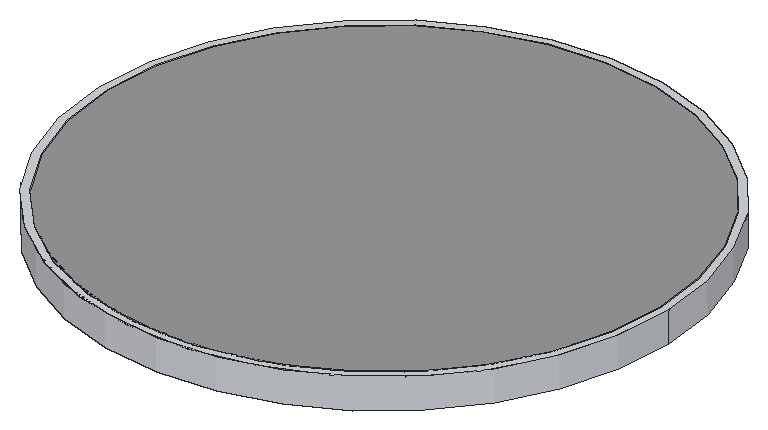
Revit family "2071284", category Lighting Fixtures, host Face, Revit 2018
Family settings
  Host = Face
  Round Connector Dimension = Use Diameter
  Part Type = Junction Box
  OmniClass Number = 23.80.70.00
  OmniClass Title = Lighting
  Cut with Voids When Loaded = No
  Light Source = Yes
  Shared = No
  Room Calculation Point = No
Parameters (values of type "2071284 COLOSSAL 1200 830 OP DIR WHT SSC")
  iner diameter = 1168 mm
  Weight = "n/a"
  Wattage Comments = ""
  Wattage = 30 W
  WarrantyStartDate [instance] = "n/a"
  WarrantyGuarantorParts = "n/a"
  WarrantyDurationUnit = "n/a"
  WarrantyDurationParts = ""
  WarrantyDescription = "http://www.sylvania-lighting.com"
  built-in parameter 1150110 = 1 (stored number, unit not read)
  Voltage = 230 V
  URL = "0.95"
  TypeName = "COLOSSAL 1200mm 830 OPAL DIR WHITE SSC"
  Type Image = <None>
  Type Comments = "n/a"
  built-in parameter 1114217 = 1 (stored number, unit not read)
  Tilt Angle = -90.00°
  built-in parameter 1150109 = 1 (stored number, unit not read)
  built-in parameter 1150134 = (empty or 0)
  built-in parameter 1150113 = 1 (stored number, unit not read)
  SerialNumber [instance] = "n/a"
  Photometric Web File = "2071284.ies"
  Material_3_SYL = LED-Sylvania
  PowerFactor = 0
  PowerConsumption = "Lighting"
  NominalLength = 1168 mm
  NominalHeight = 93 mm
  NominalDepth = 1168 mm
  Name = "COLOSSAL 1200mm 830 OPAL DIR WHITE SSC"
  ModelReference = Name  # "COLOSSAL 1200mm 830 OPAL DIR WHITE SSC"
  ModelNumber = "2071284"
  Model = Name  # "COLOSSAL 1200mm 830 OPAL DIR WHITE SSC"
  Material = "Feilo Sylvania"
  ManufacturerName = "137 lm/W"
  Manufacturer = ""
  LuminousEfficacy = ""
  built-in parameter 1150105 = 270.44 (stored number, unit not read)
  Lumens = 3398.4 lm
  LuminaireType = "0"
  built-in parameter 1150115 = 1 (stored number, unit not read)
  LightOutputRatio = "LED"
  built-in parameter 1150137 = (empty or 0)
  built-in parameter 1150139 = (empty or 0)
  LampsType = Lamp  # "n/a"
  LampNominalLuminous = "3000 K"
  LampMacAdamStep = "80"
  LampColourTemperature = "LED"
  LampColourRenderingIndex = "16500"
  built-in parameter 1150112 = 1 (stored number, unit not read)
  built-in parameter 1150114 = 1 (stored number, unit not read)
  Lamp = "n/a"
  Keynote = "n/a"
  InstallationDate [instance] = "n/a"
  InputVoltage = "0"
  InputNominalFrequency = "3000"
  built-in parameter 1150132 = (empty or 0)
  built-in parameter 1150102 = (empty or 0)
  built-in parameter 1150107 = 3000 (stored number, unit not read)
  built-in parameter 1150138 = (empty or 0)
  IngressProtection = "IfcLightFixtureType"
  ImpactProtectionIndex = "IfcLightFixtureType"
  built-in parameter 1150106 = 2.7044 (stored number, unit not read)
  IfcExportType = "IfcLightFixtureType"
  IfcExportAs = "Class I"
  Emit from Circle Diameter = 385 mm
  Emit Shape Visible in Rendering = no
  ElectricShockClassification = "137"
  built-in parameter 1150104 = 10.524 (stored number, unit not read)
  DocumentationLiterature = "http://www.sylvania-lighting.com/product/en-int/products/2071284"
  DimmingControlOptions = "n/a"
  Material_2_SYL = Polycarbonate_Sylvania_White
  Dimming Lamp Color Temperature Shift = <None>
  Description = "1200mm diameter circular architectural luminaire, can be surface mounted or suspended. Powder coated aluminium housing (RAL9016) with polycarbonate opal diffuser. Direct light distribution, 20975lm luminuous flux, 153.6W system power, 137lm/W luminiaire efficacy. Sylsmart Standalone enabled. Colour rendering index Ra >80, 3000K Warm White LED, chromaticity tolerance of 3-step MacAdam ellipse. IP40/IP20, IK03. 450mA drive current. Electrical protection Class1, 220-240V. Reported lifetime 66k hours L90B10."
  Default Elevation = 1219.2 mm
  CreatedOn = "23/03/2022"
  CreatedBy = "@sylvania-lighting.com"
  Cost = 0
  Color Filter = 16777215
  built-in parameter 1114216 [instance] = (empty or 0)
  ClassificationValue = "EF_70_80"
  ClassificationName = "Uniclass2015"
  Material_1_SYL = Polycarbonate_Sylvania_Opal
  BarCode [instance] = "n/a"
  built-in parameter 1114218 = 1 (stored number, unit not read)
  built-in parameter 1150133 = 10 (stored number, unit not read)
  AssetType = "Fixed"
  AssetIdentifier [instance] = "n/a"
  Assembly Code = "D5020200"
  Apparent Load = 153.6 VA
  Material_4_SYL = none
Reference planes
  plane 1 "Center (Front/Back)": y = 0
  plane 2: z = 0
  plane 3 "Center (Left/Right)": x = 0
  plane 4: z = 1.161
  plane 5: z = 16.161
  plane 6: y = 584
  plane 7: y = -584
  plane 8: x = 85
  plane 9: x = -85
  plane 10: through (0, 0, 1219.2) normal (0.5, 0.866, 0)
  plane 11: through (42.5, 73.612, 1219.2) normal (0.5, 0.866, 0)
  plane 12: through (-42.5, -73.612, 1219.2) normal (0.5, 0.866, 0)
  plane 13: through (0, 0, 1219.2) normal (0.5, -0.866, 0)
  plane 14: through (-42.5, 73.612, 1219.2) normal (0.5, -0.866, 0)
  plane 15: through (42.5, -73.612, 1219.2) normal (0.5, -0.866, 0)
  plane 16: z = 93
  plane 17: y = 584
  plane 18: y = -584
  plane 19: y = -429
  plane 20: x = -584
  plane 21: x = 584
Forms (mm)
  Extrusion 1, solid, detail levels medium+fine
    sketch origin (0, 0, 0) x (0.866025, -0.5, 0) y (0.5, 0.866025, 0)
      loop
        circle (-50, 86.603) r 22
    from 0 to 2
  Extrusion 2, solid, detail levels medium+fine
    sketch origin (0, 0, 0) x (0.866025, -0.5, 0) y (0.5, 0.866025, 0)
      loop
        circle (100, 0) r 22
      loop
        circle (-50, -86.603) r 22
    from 0 to 2
  Extrusion 3, solid, detail levels medium+fine
    sketch origin (0, 0, 0) x (1, 0, 0) y (0, 1, 0)
      loop
        circle (0, 0) r 584
    from 30 to 93
  Extrusion 4, void
    sketch origin (0, 0, 0) x (1, 0, 0) y (0, 1, 0)
      loop
        circle (0, 0) r 568
    from 96.588 to 37.292
  Extrusion 5, solid, material "Glass, White, High Luminance", detail levels fine
    sketch origin (0, 0, 0) x (1, 0, 0) y (0, 1, 0)
      loop
        circle (0, 0) r 568
    from 88.022 to 93
  Extrusion 6, solid, detail levels coarse
    sketch origin (0, 0, 0) x (1, 0, 0) y (0, 1, 0)
      loop
        line (-584, 584) -> (-584, -584) -> (584, -584) -> (584, 584) -> (-584, 584)
    from 0 to 93
  Blend 7, solid, detail levels medium+fine
    base sketch origin (-10.814, 11.299, 29.922) x (1, 0, 0) y (0, 1, 0)
      loop
        line (-402.654, -330.622) -> (397.346, -330.622) -> (482.346, -183.398) -> (82.346, 509.423) -> (-87.654, 509.423) -> (-487.654, -183.398) -> (-402.654, -330.622)
    top sketch origin (-10.814, 11.299, 29.922) x (1, 0, 0) y (0, 1, 0)
      loop
        line (-363.391, -306.496) -> (364.632, -306.496) -> (449.632, -159.272) -> (87.132, 468.597) -> (-82.868, 468.597) -> (-445.368, -159.272) -> (-363.391, -306.496)
    from 0 to -30
Cuts and joins
  Extrusion 4 cuts Extrusion 1
  Extrusion 4 cuts Extrusion 2
  Extrusion 4 cuts Extrusion 3
Lines and regions (mm)
  model lines, detail levels medium+fine
    curve 1: circle (0, 0, 0) r 155 normal (0, 0, 1)
  reference lines
    curve 2: circle (0, 0, 0) r 489 normal (0, 0, 1)
    curve 3: circle (0, 0, 0) r 521 normal (0, 0, 1)
    curve 4: line (0, 0, 0) -> (606.218, -350, 0)
    curve 5: line (0, 0, 0) -> (0, 825, 0)
    curve 6: line (0, 0, 0) -> (-623.538, -360, 0)
    curve 7: line (639.013, -270.785, 0) -> (85, 49.075, 0)
    curve 8: line (563.718, -423.612, 0) -> (0, -98.15, 0)
    curve 9: line (85, 49.075, 0) -> (85, 825, 0)
    curve 10: line (-85, 49.075, 0) -> (-85, 825, 0)
    curve 11: line (-85, 49.075, 0) -> (-666.038, -286.388, 0)
    curve 12: line (-581.038, -433.612, 0) -> (0, -98.15, 0)
Dimensions and locks
  plane 4 to level = 1.161 mm
  locked: plane 5 to plane 4 at 15
  "NominalDepth": plane 6 to plane 7
  plane 6 to plane 1 "Center (Front/Back)" to plane 7 = 584 mm, 584 mm
  "NominalHeight": level to plane 16
  equal spacing: plane 17, plane 1 "Center (Front/Back)", plane 18
  "NominalLength": plane 20 to plane 21
  equal spacing: plane 20, plane 3 "Center (Left/Right)", plane 21
  aligned and locked: plane 2 to host face
  aligned and locked: level to host face
  aligned and locked: plane 6 to Extrusion 6
Automatic sketch dimensions
  host sketch curve to host sketch curve = 2438.4 mm  (x2)
  Extrusion 1 sketch curve to plane 3 "Center (Left/Right)" = 0 mm
  Extrusion 1 sketch curve to plane 1 "Center (Front/Back)" = 100 mm
  plane 1 "Center (Front/Back)" to Extrusion 2 sketch curve = 50 mm
  Extrusion 2 sketch curve to plane 3 "Center (Left/Right)" = 86.603 mm
  Extrusion 2 sketch curve to Extrusion 2 sketch curve = 150 mm
  Extrusion 2 sketch curve to Extrusion 2 sketch curve = 86.603 mm
  plane 1 "Center (Front/Back)" to curve 1 = 0 mm
  curve 1 to plane 3 "Center (Left/Right)" = 0 mm
  plane 1 "Center (Front/Back)" to Extrusion 3 sketch curve = 0 mm
  Extrusion 3 sketch curve to plane 3 "Center (Left/Right)" = 0 mm
  plane 1 "Center (Front/Back)" to Extrusion 4 sketch curve = 0 mm
  Extrusion 4 sketch curve to plane 3 "Center (Left/Right)" = 0 mm
  plane 1 "Center (Front/Back)" to Extrusion 5 sketch curve = 0 mm
  Extrusion 5 sketch curve to plane 3 "Center (Left/Right)" = 0 mm
  curve 2 to curve 3 = 0 mm  (x2)
  curve 11 to plane 14 = 0 mm
  curve 6 to plane 13 = 0 mm
  curve 12 to plane 15 = 0 mm
  curve 10 to plane 9 = 0 mm
  curve 12 to plane 3 "Center (Left/Right)" = 0 mm
  plane 1 "Center (Front/Back)" to curve 3 = 0 mm
  curve 3 to plane 3 "Center (Left/Right)" = 0 mm
  curve 7 to plane 8 = 0 mm
  curve 11 to plane 10 = 0 mm
  curve 12 to plane 19 = 4.612 mm
  plane 19 to curve 6 = 69 mm
  plane 19 to curve 11 = 142.612 mm
  plane 19 to curve 8 = 5.388 mm
  plane 19 to curve 4 = 79 mm
  plane 19 to curve 7 = 158.215 mm
  plane 6 to curve 5 = 241 mm
  curve 10 to curve 5 = 0 mm
  curve 5 to curve 9 = 0 mm
  plane 1 "Center (Front/Back)" to curve 6 = 0 mm
  curve 6 to plane 3 "Center (Left/Right)" = 0 mm
  Extrusion 6 sketch curve to plane 7 = 0 mm
  Extrusion 6 sketch curve to plane 6 = 0 mm
  Blend 7 sketch curve to plane 6 = 756.098 mm  (x2)
  Blend 7 sketch curve to Blend 7 sketch curve = 85 mm
  plane 3 "Center (Left/Right)" to Blend 7 sketch curve = 386.532 mm
  plane 8 to Blend 7 sketch curve = 386.532 mm
  Blend 7 sketch curve to plane 6 = 63.278 mm
  Blend 7 sketch curve to plane 6 = 731.972 mm  (x2)
  Blend 7 sketch curve to Blend 7 sketch curve = 81.977 mm
  plane 3 "Center (Left/Right)" to Blend 7 sketch curve = 353.818 mm
  plane 8 to Blend 7 sketch curve = 353.818 mm
  Blend 7 sketch curve to plane 6 = 104.104 mm
  plane 12 to curve 8 = 0 mm
  plane 19 to Blend 7 sketch curve = 109.677 mm
  plane 19 to Blend 7 sketch curve = 133.803 mm
  plane 8 to Extrusion 6 sketch curve = 499 mm
  Extrusion 6 sketch curve to plane 9 = 499 mm
  Blend 7 sketch curve to plane 8 = 13.468 mm
  Blend 7 sketch curve to plane 9 = 13.468 mm
  Blend 7 sketch curve to plane 9 = 328.468 mm
  Blend 7 sketch curve to plane 8 = 8.682 mm
  Blend 7 sketch curve to plane 9 = 8.682 mm
  Blend 7 sketch curve to plane 9 = 289.205 mm
  plane 10 to curve 4 = 0 mm
  plane 11 to curve 7 = 0 mm
  curve 12 to plane 12 = 0 mm
  curve 9 to plane 11 = 0 mm
  radius of Extrusion 1 sketch curve = 22 mm
  radius of Extrusion 2 sketch curve = 22 mm  (x2)
  radius of curve 1 = 155 mm
  radius of Extrusion 3 sketch curve = 584 mm
  radius of Extrusion 4 sketch curve = 568 mm
  radius of Extrusion 5 sketch curve = 568 mm
  radius of curve 2 = 489 mm
  radius of curve 3 = 521 mm
Connectors
  electrical at (0, 0, 30)
    settings: on cut or joined group of Extrusion 3, Extrusion 4, index 1, voltage 0 V, apparent load 0 VA, apparent load phase1 0 VA, apparent load phase2 0 VA, apparent load phase3 0 VA, power factor 1, load classification "Other", number of poles 1, system type 31, power factor state 1, is connector primary yes, connector utility no, sub classification motor no, connector description ""
